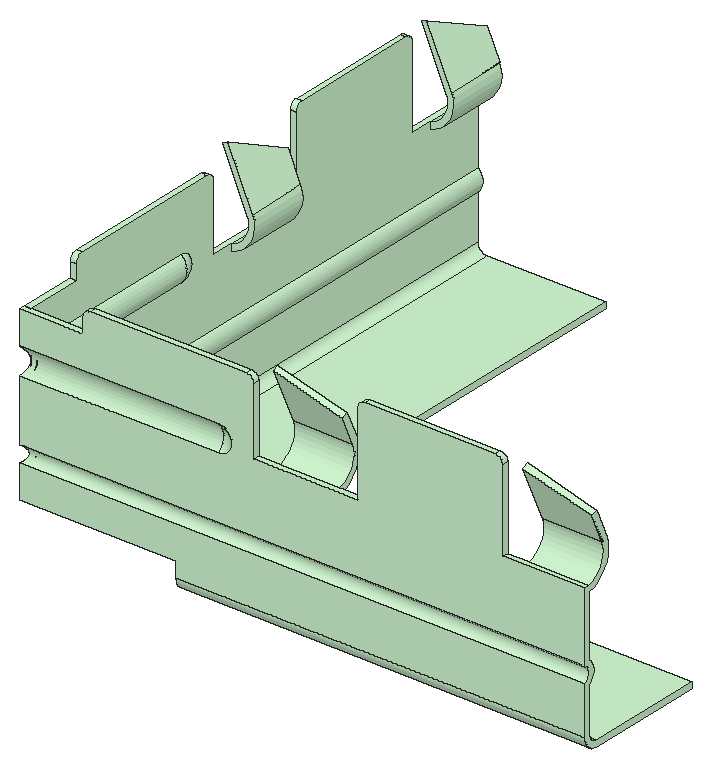
Revit family "20lbarj_el3520_in", category 機械設備, Revit 2022
Family settings
  丸型コネクタ寸法 = 直径を使用
  種別 = なし
  パーツ タイプ = 標準
  作業面ベース = いいえ
  常に垂直 = はい
  ロード時にボイドで切り取り = いいえ
  注釈の向きを維持 = いいえ
  共有 = いいえ
  部屋計算ポイント = いいえ
Parameters
  製造元 = "株式会社桐井製作所"
  既定の高さ = 0 mm
  URL = "https://www.kirii.co.jp/"
  K_材質 = "溶融亜鉛めっき鋼板及び鋼帯 SGCC 一般用"
  K_品名 = "20Lバー入隅J-eL3520(ツメ)"
  K_名称 = "Lバージョイント"
  K_入数 = "300"
  K_備考 = "対象Lバー:eL3520(20面)"
  K_バージョン情報 = "20220915"
  K_めっき付着量 = "Z12"
  K_JIS規格 = "JIS G 3302"
Reference planes
  plane 1 "中心(正面/背面)": y = 0
  plane 2: z = 0
  plane 3 "中心(左/右)": x = 0
Forms (mm)
  Extrusion 1, solid
    sketch origin (0, 0, 0) x (0, 1, 0) y (0, 0, 1)
      loop
        line (0, 2) -> (0, 8)
        arc (0, 8) -> (0.7, 9.5) -> (0, 11) r 1.957
        line (0, 11) -> (0, 32) -> (-0.8, 32) -> (-0.8, 10.563)
        arc (-0.8, 10.563) -> (-0.1, 9.5) -> (-0.8, 8.437) r 1.157
        line (-0.8, 8.437) -> (-0.8, 2)
        arc (-0.8, 2) -> (-0.214, 0.586) -> (1.2, 0) r 2
        line (1.2, 0) -> (17.2, 0) -> (17.2, 0.8) -> (1.2, 0.8)
        arc (1.2, 0.8) -> (0.351, 1.151) -> (0, 2) r 1.2
    from -0.8 to 75.2
  Extrusion 2, void
    sketch origin (23.5, 0, 0) x (1, 0, 0) y (0, 0, 1)
      loop
        line (51.7, 32) -> (39.7, 32)
        arc (39.7, 32) -> (40.407, 31.707) -> (40.7, 31) r 1
        line (40.7, 31) -> (40.7, 20) -> (51.7, 20) -> (51.7, 32)
    from 0 to 0.8
  Extrusion 3, void
    sketch origin (0, 0, 0) x (0, 1, 0) y (0, 0, 1)
      loop
        line (75.2, 20) -> (75.2, 32) -> (63.2, 32)
        arc (63.2, 32) -> (63.907, 31.707) -> (64.2, 31) r 1
        line (64.2, 31) -> (64.2, 20) -> (75.2, 20)
    from -0.8 to 0
  Extrusion 4, solid
    sketch origin (-0.8, 0, 0) x (-1, 0, 0) y (0, 0, -1)
      loop
        line (-0.8, -32) -> (0, -32) -> (0, -10.563)
        arc (0, -10.563) -> (-0.7, -9.5) -> (0, -8.437) r 1.157
        line (0, -8.437) -> (0, -2)
        arc (0, -2) -> (-0.586, -0.586) -> (-2, 0) r 2
        line (-2, 0) -> (-18, 0) -> (-18, -0.8) -> (-2, -0.8)
        arc (-2, -0.8) -> (-1.151, -1.151) -> (-0.8, -2) r 1.2
        line (-0.8, -2) -> (-0.8, -8)
        arc (-0.8, -8) -> (-1.5, -9.5) -> (-0.8, -11) r 1.957
        line (-0.8, -11) -> (-0.8, -32)
    from -75.2 to 0
  Extrusion 5, void
    sketch origin (0, 0, 0) x (1, 0, 0) y (0, 1, 0)
      loop
        line (20.2, 20.2) -> (-0.8, 20.2) -> (-0.8, -0.8) -> (20.2, -0.8) -> (20.2, 20.2)
    from 0 to 4
  Extrusion 6, void
    sketch origin (0, 0, 0) x (0, 1, 0) y (0, 0, 1)
      loop
        line (45.7, 32) -> (0, 32) -> (0, 27) -> (7.7, 27) -> (7.7, 29)
        arc (7.7, 29) -> (7.993, 29.707) -> (8.7, 30) r 1
        line (8.7, 30) -> (29.7, 30)
        arc (29.7, 30) -> (30.407, 29.707) -> (30.7, 29) r 1
        line (30.7, 29) -> (30.7, 20) -> (44.7, 20) -> (44.7, 31)
        arc (44.7, 31) -> (44.993, 31.707) -> (45.7, 32) r 1
    from -0.8 to 0
  Extrusion 7, void
    sketch origin (0, -0.8, 0) x (1, 0, 0) y (0, 0, 1)
      loop
        line (45.7, 32) -> (-0.8, 32) -> (-0.8, 27) -> (7.7, 27) -> (7.7, 29)
        arc (7.7, 29) -> (7.993, 29.707) -> (8.7, 30) r 1
        line (8.7, 30) -> (29.7, 30)
        arc (29.7, 30) -> (30.407, 29.707) -> (30.7, 29) r 1
        line (30.7, 29) -> (30.7, 20) -> (44.7, 20) -> (44.7, 31)
        arc (44.7, 31) -> (44.993, 31.707) -> (45.7, 32) r 1
    from -0.8 to 0
  Extrusion 8, solid
    sketch origin (0, -1.4, 0.179) x (-1, 0, 0) y (0, 0, -1)
      loop
        line (1.144, -31.605) -> (-2.199, -24.083)
        arc (-2.199, -24.083) -> (-2.047, -21.458) -> (0, -19.821) r 3.2
        line (0, -19.821) -> (0, -19)
        arc (0, -19) -> (-2.72, -21.019) -> (-2.915, -24.402) r 4
        line (-2.915, -24.402) -> (0.413, -31.93) -> (1.144, -31.605)
    from -76.6 to -68.6
  Extrusion 9, void
    sketch origin (12.585, 0, 2.868) x (0, 1, 0) y (-0.406186, 0, 0.913791)
      loop
        line (75.2, 28) -> (75.2, 32) -> (67.2, 32) -> (75.2, 28)
    from -0.8 to 0
  Extrusion 10, solid
    sketch origin (0, -34.9, 0.179) x (-1, 0, 0) y (0, 0, -1)
      loop
        line (1.144, -31.605) -> (-2.199, -24.083)
        arc (-2.199, -24.083) -> (-2.047, -21.458) -> (0, -19.821) r 3.2
        line (0, -19.821) -> (0, -19)
        arc (0, -19) -> (-2.72, -21.019) -> (-2.915, -24.402) r 4
        line (-2.915, -24.402) -> (0.413, -31.93) -> (1.144, -31.605)
    from -76.6 to -68.6
  Extrusion 11, void
    sketch origin (12.585, -33.5, 2.868) x (0, 1, 0) y (-0.406186, 0, 0.913791)
      loop
        line (75.2, 28) -> (75.2, 32) -> (67.2, 32) -> (75.2, 28)
    from -0.8 to 0
  Extrusion 12, solid
    sketch origin (110.246, 0, 0.179) x (0, -1, 0) y (0, 0, -1)
      loop
        line (1.144, -31.605) -> (-2.199, -24.083)
        arc (-2.199, -24.083) -> (-2.047, -21.458) -> (0, -19.821) r 3.2
        line (0, -19.821) -> (0, -19)
        arc (0, -19) -> (-2.72, -21.019) -> (-2.915, -24.402) r 4
        line (-2.915, -24.402) -> (0.413, -31.93) -> (1.144, -31.605)
    from -76.6 to -68.6
  Extrusion 13, void
    sketch origin (-33.554, 12.585, 2.868) x (1, 0, 0) y (0, 0.406186, -0.913791)
      loop
        line (75.2, -28) -> (67.2, -32) -> (75.2, -32) -> (75.2, -28)
    from -0.8 to 0
  Extrusion 14, solid
    sketch origin (143.8, 0, 0.179) x (0, -1, 0) y (0, 0, -1)
      loop
        line (1.144, -31.605) -> (-2.199, -24.083)
        arc (-2.199, -24.083) -> (-2.047, -21.458) -> (0, -19.821) r 3.2
        line (0, -19.821) -> (0, -19)
        arc (0, -19) -> (-2.72, -21.019) -> (-2.915, -24.402) r 4
        line (-2.915, -24.402) -> (0.413, -31.93) -> (1.144, -31.605)
    from -76.6 to -68.6
  Extrusion 15, void
    sketch origin (0, 12.585, 2.868) x (1, 0, 0) y (0, 0.406186, -0.913791)
      loop
        line (75.2, -28) -> (67.2, -32) -> (75.2, -32) -> (75.2, -28)
    from -0.8 to 0
  Extrusion 16, void
    sketch origin (0.72, -0.8, 41.5) x (0, -1, 0) y (0, 0, -1)
      loop
        arc (0, 22.5) -> (-0.8, 20.75) -> (0, 19) r 2.314
        line (0, 19) -> (0, 22.5)
    from -1.52 to 25.25
  Revolve 17, void
    sketch origin (25.97, -0.8, 0) x (0, -1, 0) y (0, 0, -1)
      loop
        line (0, -20.75) -> (0, -19)
        arc (0, -19) -> (-0.591, -19.788) -> (-0.8, -20.75) r 2.314
        line (-0.8, -20.75) -> (0, -20.75)
      axis (0, -20.75) -> (-1, -20.75)
    angle from 0 to 360
  Extrusion 18, void
    sketch origin (-0.8, -0.811, 41.5) x (-1, 0, 0) y (0, 0, 1)
      loop
        line (0, -22.5) -> (0, -19)
        arc (0, -19) -> (-0.8, -20.75) -> (0, -22.5) r 2.314
    from 0.011 to 26.021
  Extrusion 19, solid
    sketch origin (1.52, 0, 41.5) x (0, -1, 0) y (0, 0, -1)
      loop
        arc (0, 22.5) -> (-0.8, 20.75) -> (0, 19) r 2.314
        line (0, 19) -> (0, 22.5)
    from -1.52 to 24.346
  Extrusion 20, solid
    sketch origin (-0.002, -0.041, 41.5) x (-1, 0, 0) y (0, 0, 1)
      loop
        line (0, -22.5) -> (0, -19)
        arc (0, -19) -> (-0.8, -20.75) -> (0, -22.5) r 2.314
    from 0.041 to 25.25
  Revolve 21, solid
    sketch origin (-0.002, 25.209, 0) x (-1, 0, 0) y (0, 0, 1)
      loop
        line (0, 20.75) -> (-0.8, 20.75)
        arc (-0.8, 20.75) -> (-0.591, 19.788) -> (0, 19) r 2.314
        line (0, 19) -> (0, 20.75)
      axis (0, 20.75) -> (-1, 20.75)
    angle from 0 to 360
  Revolve 22, void
    sketch origin (-0.8, 25.209, 0) x (-1, 0, 0) y (0, 0, 1)
      loop
        line (0, 20.75) -> (-0.8, 20.75)
        arc (-0.8, 20.75) -> (-0.591, 19.788) -> (0, 19) r 2.314
        line (0, 19) -> (0, 20.75)
      axis (0, 20.75) -> (-1, 20.75)
    angle from 0 to 360
  Revolve 23, solid
    sketch origin (25.866, 0, 0) x (0, -1, 0) y (0, 0, -1)
      loop
        line (0, -20.75) -> (0, -19)
        arc (0, -19) -> (-0.591, -19.788) -> (-0.8, -20.75) r 2.314
        line (-0.8, -20.75) -> (0, -20.75)
      axis (0, -20.75) -> (-1, -20.75)
    angle from 0 to 360
  Extrusion 24, void
    sketch origin (0, 0, 0) x (1, 0, 0) y (0, 0, 1)
      loop
        line (-0.8, 10.563) -> (-0.8, 8.437)
        arc (-0.8, 8.437) -> (-0.1, 9.5) -> (-0.8, 10.563) r 1.157
    from -0.8 to 0.8
Cuts and joins
  Extrusion 2, Extrusion 5, Extrusion 6, Extrusion 7, Extrusion 16, Revolve 17, Extrusion 18, Extrusion 24 cuts Extrusion 1
  Extrusion 13, Extrusion 15, Extrusion 18, Extrusion 24 cuts Extrusion 12
  Extrusion 15, Extrusion 18, Extrusion 24 cuts Extrusion 14
  joined: Extrusion 1, Extrusion 12, Extrusion 14
  Extrusion 3, Extrusion 5, Extrusion 6, Extrusion 7, Extrusion 18, Revolve 22, Extrusion 24 cuts Extrusion 4
  Extrusion 9, Extrusion 11, Extrusion 18, Extrusion 24 cuts Extrusion 8
  Extrusion 11, Extrusion 18, Extrusion 24 cuts Extrusion 10
  joined: Extrusion 4, Extrusion 8, Extrusion 10
  joined: Extrusion 20, Revolve 21
  joined: Extrusion 19, Revolve 23
Dimensions and locks
  aligned and locked: level to plane 2
